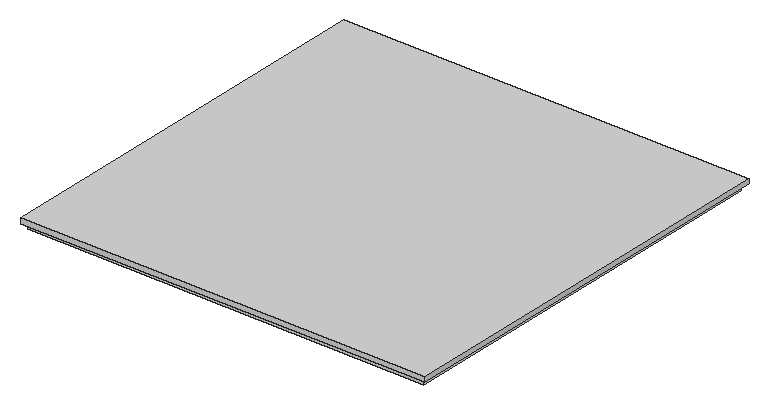
Revit family "ソーラトンライト・グリッド（600×600用）", category 機械設備, Revit 2020
Family settings
  丸型コネクタ寸法 = 直径を使用
  種別 = なし
  パーツ タイプ = 標準
  作業面ベース = いいえ
  常に垂直 = はい
  ロード時にボイドで切り取り = いいえ
  共有 = いいえ
  部屋計算ポイント = いいえ
Parameters
  製造元 = "株式会社桐井製作所"
  既定の高さ = 0 mm
  URL = "https://www.kirii.co.jp/"
  K_長さ(mm) = 592 mm
  K_品名 = "ソーラトンライト・グリッド(600×600用)"
  K_名称 = "岩綿吸音板"
  K_備考 = "対象Tバー:eY4815、eT4015"
  K_バージョン情報 = "20220915"
Reference planes
  plane 1 "中心(正面/背面)": y = 0
  plane 2: z = 0
  plane 3 "中心(左/右)": x = 0
Forms (mm)
  Extrusion 1, solid, material "石膏"
    sketch origin (0, 0, 0) x (0, 1, 0) y (0, 0, 1)
      loop
        line (-290, 0) -> (290, 0) -> (290, 8) -> (296, 8) -> (296, 15) -> (-296, 15) -> (-296, 8) -> (-290, 8) -> (-290, 0)
    from -296 to 296
  Extrusion 2, void
    sketch origin (0, 0, 0) x (1, 0, 0) y (0, 0, 1)
      loop
        line (-296, 8) -> (-296, 0) -> (-290, 0) -> (-290, 8) -> (-296, 8)
      loop
        line (290, 8) -> (290, 0) -> (296, 0) -> (296, 8) -> (290, 8)
    from -290 to 290
Cuts and joins
  Extrusion 2 cuts Extrusion 1
Dimensions and locks
  aligned and locked: level to plane 2
